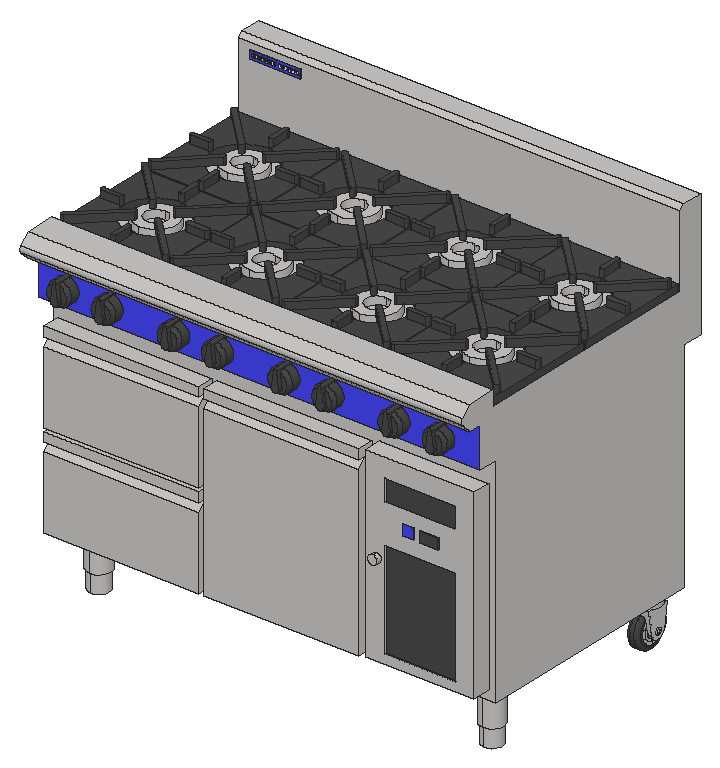
Revit family "QF_MOFFAT_BLUESEAL_CE_G518D-RB", category Specialty Equipment, Revit 2012
Parameters
  Weight in Pounds = 435  # constant formula
  Watts = 250 W
  Volts = 230 V
  URL Cutsheet = "www.moffat.com"
  URL = "www.moffat.com"
  Type Mark [instance] = ""
  Status [instance] = ""
  Specification by User [instance] = ""
  Specification by Manufacturer = ""
  Show Logo [instance] = yes
  Show Clearance [instance] = yes
  Show Casters [instance] = yes
  Serial Number = ""
  Seismic Rating = ""
  SMACNA No = ""
  Revision Code [instance] = ""
  Refrigerant Type = "R134a"
  Phase = 1
  Omniclass Number and Title = ""
  Number of Poles = 1
  NAFEM Spec ID Number = ""
  Model = "G518D-RB"
  Min Ckt Ampacity = 0 A
  Mechanical Remarks [instance] = ""
  Mechanical Connection Type [instance] = ""
  Max Overcurrent Protection = 0 A
  Masterspec = ""
  Manufacturer = "MOFFAT BLUESEAL"
  Legs [instance] = not(Show Casters)  # no
  Item Number [instance] = ""
  Installed By [instance] = ""
  Identify Quantity as Lot [instance] = yes
  HP = ""
  Gas Size = 3/4"
  Gas RI Height [instance] = 0.0 mm
  Gas KW [instance] = 56
  Gas Input [instance] = 192500.0 Btu/h
  Gas Connection Height = 0.0 mm
  Furnished By [instance] = ""
  Foodservice Equipment Identifier [instance] = yes
  FL Amps = 1.8 A
  Elec Conn RI Height = 0.0 mm
  Elec Conn Connection Height = 0.0 mm
  Description = "1200MM GAS COOK TOP ON REFRIGERATED BASE"
  Cycle = 50 Hz
  Conn Plug = ""
  Conn Conduit = yes
  CSI MasterFormat = ""
  CSI Master Format = ""
  Body Height [instance] = 915.0 mm
  Base Height [instance] = 150.0 mm
  Apparent Power = if(Phase = 3, Volts * FL Amps * 1.73, Volts * FL Amps)  # 414 VA
Reference planes
  plane 1 "BACK": y = 0
  plane 2: z = 0
  plane 3 "LEFT": x = 0
  plane 4 "RIGHT": x = 1200
  plane 5 "FRONT": y = -812
  plane 6 "TOP": z = 970
  plane 7 "Center Y": x = 600
  plane 8 "Center X": y = -406
  plane 9 "Base Height": z = 150
  plane 10: x = 1134
  plane 11: x = 65
  plane 12: z = 915
  plane 13: x = 1181
  plane 14: x = 973
  plane 15: y = -625
  plane 16: y = -100
  plane 17: z = 1085
Forms (mm)
  Extrusion 1, solid, material "QF_Finishes_Stainless Steel"
    sketch origin (0, 0, 0) x (0, 1, 0) y (0, 0, 1)
      loop
        line (0, 740) -> (0, 1085) -> (-57.5, 1085) -> (-70, 1072.5) -> (-70, 875) -> (-705, 875) -> (-705, 915) -> (-783.97, 915) -> (-808.485, 890.485)
        arc (-808.485, 890.485) -> (-811.999, 882) -> (-808.485, 873.515) r 12
        line (-808.485, 873.515) -> (-784.97, 850) -> (-749, 850) -> (-749, 740) -> (-697, 740) -> (-697, 150) -> (-57, 150) -> (-57, 740) -> (0, 740)
    from 0 to 1200
  Extrusion 2, solid, material "QF_Finishes_Stainless Steel"
    sketch origin (705, 3, 100) x (1, 0, 0) y (0, 1, 0)
      loop
        circle (365, -35) r 13.5
    from 555 to 640
  Revolve 3, solid, material "QF_Finishes_Black"
    sketch origin (89.687, 0, 759.972) x (0, 1, 0) y (0, 0, -1)
      loop
        line (-789, -69.5) -> (-766, -69.5) -> (-766, -42) -> (-756, -42) -> (-756, -37) -> (-800, -37) -> (-800, -63.651) -> (-789, -69.5)
      axis (-800, -37) -> (-756, -37)
    angle from 0 to 360
  Extrusion 4, solid, material "QF_Finishes_Black"
    sketch origin (227.956, 0, 760.13) x (-1, 0, 0) y (0, 0, -1)
      loop
        line (127.537, -26.064) -> (132.958, -68.983)
        arc (132.958, -68.983) -> (137.956, -73.87) -> (142.955, -68.983) r 5
        line (142.955, -68.983) -> (148.444, -24.898)
        arc (148.444, -24.898) -> (137.372, -14.399) -> (127.537, -26.064) r 10.487
    from 759 to 808
  Revolve 5, solid, material "QF_Finishes_Stainless Steel"
    sketch origin (65, -735, 0) x (0, 1, 0) y (0, 0, 1)
      loop
        line (78.25, 150) -> (78.25, 50) -> (82.5, 50) -> (82.5, 0) -> (110, 0) -> (110, 150) -> (78.25, 150)
      axis (110, 150) -> (110, 0)
    angle from 0 to 360
  Revolve 6, solid, material "QF_Finishes_Stainless Steel"
    sketch origin (1134, -735, 0) x (0, 1, 0) y (0, 0, -1)
      loop
        line (78.25, -150) -> (110, -150) -> (110, 0) -> (82.5, 0) -> (82.5, -50) -> (78.25, -50) -> (78.25, -150)
      axis (110, -150) -> (110, 0)
    angle from 0 to 360
  Extrusion 7, solid, material "QF_Finishes_Stainless Steel"
    sketch origin (0, 0, 0) x (0, 1, 0) y (0, 0, 1)
      loop
        line (-754, 678) -> (-754, 653) -> (-709.18, 653) -> (-709.18, 678) -> (-754, 678)
      loop
        line (-754, 421) -> (-754, 396) -> (-709.18, 396) -> (-709.18, 421) -> (-754, 421)
    from 19 to 439
  Extrusion 8, solid, material "QF_Finishes_Stainless Steel"
    sketch origin (0, -697, 222.5) x (0, 0, -1) y (1, 0, 0)
      loop
        line (-455.5, 1181) -> (-455.5, 887) -> (48.5, 887) -> (48.5, 1181) -> (-455.5, 1181)
      loop
        line (23.5, 1131) -> (-241.5, 1131) -> (-241.5, 937) -> (23.5, 937) -> (23.5, 1131)
      loop
        line (-405.5, 1131) -> (-405.5, 937) -> (-345.5, 937) -> (-345.5, 1131) -> (-405.5, 1131)
    from 0 to 48
  Extrusion 9, solid, material "QF_Finishes_Blue"
    sketch origin (0, -745, 222.5) x (0, 0, -1) y (1, 0, 0)
      loop
        line (-311.04, 987.426) -> (-281.04, 987.426) -> (-281.04, 1017.426) -> (-311.04, 1017.426) -> (-311.04, 987.426)
    from 0 to 1
  Extrusion 10, solid, material "QF_Finishes_Stainless Steel"
    sketch origin (0, -745, 222.5) x (0, 0, -1) y (1, 0, 0)
      loop
        circle (-202.271, 914.856) r 12.395
    from 0 to 12.7
  Extrusion 11, solid, material "QF_Finishes_Vents"
    sketch origin (0, -697, 222.5) x (0, 0, 1) y (1, 0, 0)
      loop
        line (345.5, 937) -> (405.5, 937) -> (405.5, 1131) -> (345.5, 1131) -> (345.5, 937)
      loop
        line (241.5, 937) -> (241.5, 1131) -> (-23.5, 1131) -> (-23.5, 937) -> (241.5, 937)
    from 0 to -44.529
  Extrusion 12, solid, material "QF_Door-Drawer Clearances", visible <- "Show Clearance", detail levels coarse
    sketch origin (0, -747, 174) x (0, 0, 1) y (-1, 0, 0)
      loop
        line (0, -19) -> (0, -439) -> (247, -439) -> (247, -19) -> (0, -19)
      loop
        line (257, -19) -> (257, -439) -> (504, -439) -> (504, -19) -> (257, -19)
    from 0 to 304.8
  Extrusion 13, solid, material "QF_Finishes_Stainless Steel"
    sketch origin (0, 0, 0) x (0, 1, 0) y (0, 0, 1)
      loop
        line (-709.18, 174) -> (-709.18, 650.613) -> (-731.387, 650.613) -> (-754, 628) -> (-754, 174) -> (-709.18, 174)
    from 453 to 873
  Extrusion 14, solid, material "QF_Door-Drawer Clearances", visible <- "Show Clearance", detail levels coarse
    sketch origin (0, -754, 174) x (1, 0, 0) y (0, -1, 0)
      loop
        line (453, 0) -> (873, 0) -> (873, 420)
        arc (873, 420) -> (576.015, 296.985) -> (453, 0) r 420
    from 0 to -504
  Extrusion 15, solid, material "QF_Finishes_Stainless Steel"
    sketch origin (0, -57, 735) x (0, 0, 1) y (1, 0, 0)
      loop
        circle (-315, 920) r 6.35
    from 0 to 1.6
  Extrusion 16, solid, material "QF_Finishes_Stainless Steel"
    sketch origin (0, 0, 0) x (0, 1, 0) y (0, 0, 1)
      loop
        line (-754, 431) -> (-709.18, 431) -> (-709.18, 650.613) -> (-731.387, 650.613) -> (-754, 628) -> (-754, 431)
      loop
        line (-754, 174) -> (-709.18, 174) -> (-709.18, 393.613) -> (-731.387, 393.613) -> (-754, 371) -> (-754, 174)
    from 19 to 439
  Extrusion 17, solid, material "QF_Finishes_Stainless Steel"
    sketch origin (0, 0, 0) x (0, 1, 0) y (0, 0, 1)
      loop
        line (-709.18, 653) -> (-709.18, 678) -> (-754, 678) -> (-754, 653) -> (-709.18, 653)
    from 453 to 873
  Revolve 18, solid, material "QF_Finishes_Black"
    sketch origin (210, 0, 760) x (0, 1, 0) y (0, 0, -1)
      loop
        line (-789, -69.5) -> (-766, -69.5) -> (-766, -42) -> (-756, -42) -> (-756, -37) -> (-800, -37) -> (-800, -63.651) -> (-789, -69.5)
      axis (-800, -37) -> (-756, -37)
    angle from 0 to 360
  Extrusion 19, solid, material "QF_Finishes_Black"
    sketch origin (348.27, 0, 760.158) x (-1, 0, 0) y (0, 0, -1)
      loop
        line (127.537, -26.064) -> (132.958, -68.983)
        arc (132.958, -68.983) -> (137.956, -73.87) -> (142.955, -68.983) r 5
        line (142.955, -68.983) -> (148.444, -24.898)
        arc (148.444, -24.898) -> (137.372, -14.399) -> (127.537, -26.064) r 10.487
    from 759 to 808
  Revolve 20, solid, material "QF_Finishes_Black"
    sketch origin (390, 0, 760) x (0, 1, 0) y (0, 0, -1)
      loop
        line (-789, -69.5) -> (-766, -69.5) -> (-766, -42) -> (-756, -42) -> (-756, -37) -> (-800, -37) -> (-800, -63.651) -> (-789, -69.5)
      axis (-800, -37) -> (-756, -37)
    angle from 0 to 360
  Extrusion 21, solid, material "QF_Finishes_Black"
    sketch origin (528.27, 0, 760.158) x (-1, 0, 0) y (0, 0, -1)
      loop
        line (127.537, -26.064) -> (132.958, -68.983)
        arc (132.958, -68.983) -> (137.956, -73.87) -> (142.955, -68.983) r 5
        line (142.955, -68.983) -> (148.444, -24.898)
        arc (148.444, -24.898) -> (137.372, -14.399) -> (127.537, -26.064) r 10.487
    from 759 to 808
  Revolve 22, solid, material "QF_Finishes_Black"
    sketch origin (510.313, 0, 760.028) x (0, 1, 0) y (0, 0, -1)
      loop
        line (-789, -69.5) -> (-766, -69.5) -> (-766, -42) -> (-756, -42) -> (-756, -37) -> (-800, -37) -> (-800, -63.651) -> (-789, -69.5)
      axis (-800, -37) -> (-756, -37)
    angle from 0 to 360
  Extrusion 23, solid, material "QF_Finishes_Black"
    sketch origin (648.583, 0, 760.186) x (-1, 0, 0) y (0, 0, -1)
      loop
        line (127.537, -26.064) -> (132.958, -68.983)
        arc (132.958, -68.983) -> (137.956, -73.87) -> (142.955, -68.983) r 5
        line (142.955, -68.983) -> (148.444, -24.898)
        arc (148.444, -24.898) -> (137.372, -14.399) -> (127.537, -26.064) r 10.487
    from 759 to 808
  Revolve 24, solid, material "QF_Finishes_Black"
    sketch origin (690, 0, 760) x (0, 1, 0) y (0, 0, -1)
      loop
        line (-789, -69.5) -> (-766, -69.5) -> (-766, -42) -> (-756, -42) -> (-756, -37) -> (-800, -37) -> (-800, -63.651) -> (-789, -69.5)
      axis (-800, -37) -> (-756, -37)
    angle from 0 to 360
  Extrusion 25, solid, material "QF_Finishes_Black"
    sketch origin (828.27, 0, 760.158) x (-1, 0, 0) y (0, 0, -1)
      loop
        line (127.537, -26.064) -> (132.958, -68.983)
        arc (132.958, -68.983) -> (137.956, -73.87) -> (142.955, -68.983) r 5
        line (142.955, -68.983) -> (148.444, -24.898)
        arc (148.444, -24.898) -> (137.372, -14.399) -> (127.537, -26.064) r 10.487
    from 759 to 808
  Revolve 26, solid, material "QF_Finishes_Black"
    sketch origin (810.313, 0, 760.028) x (0, 1, 0) y (0, 0, -1)
      loop
        line (-789, -69.5) -> (-766, -69.5) -> (-766, -42) -> (-756, -42) -> (-756, -37) -> (-800, -37) -> (-800, -63.651) -> (-789, -69.5)
      axis (-800, -37) -> (-756, -37)
    angle from 0 to 360
  Extrusion 27, solid, material "QF_Finishes_Black"
    sketch origin (948.583, 0, 760.186) x (-1, 0, 0) y (0, 0, -1)
      loop
        line (127.537, -26.064) -> (132.958, -68.983)
        arc (132.958, -68.983) -> (137.956, -73.87) -> (142.955, -68.983) r 5
        line (142.955, -68.983) -> (148.444, -24.898)
        arc (148.444, -24.898) -> (137.372, -14.399) -> (127.537, -26.064) r 10.487
    from 759 to 808
  Revolve 28, solid, material "QF_Finishes_Black"
    sketch origin (990, 0, 760) x (0, 1, 0) y (0, 0, -1)
      loop
        line (-789, -69.5) -> (-766, -69.5) -> (-766, -42) -> (-756, -42) -> (-756, -37) -> (-800, -37) -> (-800, -63.651) -> (-789, -69.5)
      axis (-800, -37) -> (-756, -37)
    angle from 0 to 360
  Extrusion 29, solid, material "QF_Finishes_Black"
    sketch origin (1128.27, 0, 760.158) x (-1, 0, 0) y (0, 0, -1)
      loop
        line (127.537, -26.064) -> (132.958, -68.983)
        arc (132.958, -68.983) -> (137.956, -73.87) -> (142.955, -68.983) r 5
        line (142.955, -68.983) -> (148.444, -24.898)
        arc (148.444, -24.898) -> (137.372, -14.399) -> (127.537, -26.064) r 10.487
    from 759 to 808
  Revolve 30, solid, material "QF_Finishes_Black"
    sketch origin (1110.313, 0, 760.028) x (0, 1, 0) y (0, 0, -1)
      loop
        line (-789, -69.5) -> (-766, -69.5) -> (-766, -42) -> (-756, -42) -> (-756, -37) -> (-800, -37) -> (-800, -63.651) -> (-789, -69.5)
      axis (-800, -37) -> (-756, -37)
    angle from 0 to 360
  Extrusion 31, solid, material "QF_Finishes_Black"
    sketch origin (1248.583, 0, 760.186) x (-1, 0, 0) y (0, 0, -1)
      loop
        line (127.537, -26.064) -> (132.958, -68.983)
        arc (132.958, -68.983) -> (137.956, -73.87) -> (142.955, -68.983) r 5
        line (142.955, -68.983) -> (148.444, -24.898)
        arc (148.444, -24.898) -> (137.372, -14.399) -> (127.537, -26.064) r 10.487
    from 759 to 808
  Revolve 32, solid, material "QF_Finishes_Stainless Steel", visible <- "Legs"
    sketch origin (65.5, -166, 0) x (0, 1, 0) y (0, 0, 1)
      loop
        line (34.25, 150) -> (34.25, 50) -> (38.5, 50) -> (38.5, 0) -> (66, 0) -> (66, 150) -> (34.25, 150)
      axis (66, 150) -> (66, 0)
    angle from 0 to 360
  Revolve 33, solid, material "QF_Finishes_Stainless Steel", visible <- "Show Casters"
    sketch origin (16.276, -100.755, -12.8) x (1, 0, 0) y (0, 0, 1)
      loop
        line (14.841, 63.604) -> (83.584, 63.604) -> (83.584, 67.109) -> (82.314, 68.379) -> (80.79, 68.379) -> (80.79, 71.826) -> (68.644, 71.826) -> (68.644, 81.79) -> (65.088, 83.843) -> (63.738, 92.179) -> (65.881, 92.179) -> (65.881, 98.529) -> (65.088, 98.529) -> (65.088, 104.879)
        arc (65.088, 104.879) -> (62.298, 111.614) -> (55.563, 114.404) r 9.525
        line (55.563, 114.404) -> (42.863, 114.404)
        arc (42.863, 114.404) -> (36.127, 111.614) -> (33.338, 104.879) r 9.525
        line (33.338, 104.879) -> (33.338, 98.529) -> (32.544, 98.529) -> (32.544, 92.179) -> (34.687, 92.179) -> (33.352, 83.932) -> (29.782, 81.871) -> (29.782, 71.826) -> (17.635, 71.826) -> (17.635, 68.379) -> (16.111, 68.379) -> (14.841, 67.109) -> (14.841, 63.604)
      axis (14.841, 63.604) -> (83.584, 63.604)
    angle from 0 to 360
  Extrusion 34, solid, material "QF_Finishes_Stainless Steel", visible <- "Show Casters"
    sketch origin (72.001, 132.353, -8.783) x (0, 1, 0) y (0, 0, 1)
      loop
        line (-200.603, 118.783) -> (-264.103, 118.783) -> (-251.746, 53.895)
        arc (-251.746, 53.895) -> (-232.353, 38.783) -> (-212.959, 53.895) r 20
        line (-212.959, 53.895) -> (-200.603, 118.783)
    from -35.667 to 22.923
  Revolve 35, solid, material "QF_Finishes_Stainless Steel", visible <- "Show Casters"
    sketch origin (65.5, -204, 0) x (0, 1, 0) y (0, 0, 1)
      loop
        line (68.25, 150) -> (68.25, 110) -> (104, 110) -> (104, 150) -> (68.25, 150)
      axis (104, 150) -> (104, 110)
    angle from 0 to 360
  Revolve 36, solid, material "QF_Finishes_Stainless Steel", visible <- "Legs"
    sketch origin (65.5, -166, 0) x (0, 1, 0) y (0, 0, 1)
      loop
        line (34.25, 150) -> (34.25, 50) -> (38.5, 50) -> (38.5, 0) -> (66, 0) -> (66, 150) -> (34.25, 150)
      axis (66, 150) -> (66, 0)
    angle from 0 to 360
  Revolve 37, solid, material "QF_Finishes_Stainless Steel", visible <- "Legs"
    sketch origin (1134.5, -166, 0) x (0, 1, 0) y (0, 0, -1)
      loop
        line (34.25, -150) -> (66, -150) -> (66, 0) -> (38.5, 0) -> (38.5, -50) -> (34.25, -50) -> (34.25, -150)
      axis (66, -150) -> (66, 0)
    angle from 0 to 360
  Revolve 38, solid, material "QF_Finishes_Stainless Steel", visible <- "Show Casters"
    sketch origin (1183.724, -100.755, -12.8) x (-1, 0, 0) y (0, 0, -1)
      loop
        line (14.841, -63.604) -> (14.841, -67.109) -> (16.111, -68.379) -> (17.635, -68.379) -> (17.635, -71.826) -> (29.782, -71.826) -> (29.782, -81.871) -> (33.352, -83.932) -> (34.687, -92.179) -> (32.544, -92.179) -> (32.544, -98.529) -> (33.338, -98.529) -> (33.338, -104.879)
        arc (33.338, -104.879) -> (36.127, -111.614) -> (42.863, -114.404) r 9.525
        line (42.863, -114.404) -> (55.563, -114.404)
        arc (55.563, -114.404) -> (62.298, -111.614) -> (65.088, -104.879) r 9.525
        line (65.088, -104.879) -> (65.088, -98.529) -> (65.881, -98.529) -> (65.881, -92.179) -> (63.738, -92.179) -> (65.088, -83.843) -> (68.644, -81.79) -> (68.644, -71.826) -> (80.79, -71.826) -> (80.79, -68.379) -> (82.314, -68.379) -> (83.584, -67.109) -> (83.584, -63.604) -> (14.841, -63.604)
      axis (14.841, -63.604) -> (83.584, -63.604)
    angle from 0 to 360
  Extrusion 39, solid, material "QF_Finishes_Stainless Steel", visible <- "Show Casters"
    sketch origin (1127.999, 132.353, -8.783) x (0, 1, 0) y (0, 0, -1)
      loop
        line (-200.603, -118.783) -> (-212.959, -53.895)
        arc (-212.959, -53.895) -> (-232.353, -38.783) -> (-251.746, -53.895) r 20
        line (-251.746, -53.895) -> (-264.103, -118.783) -> (-200.603, -118.783)
    from -35.667 to 22.923
  Revolve 40, solid, material "QF_Finishes_Stainless Steel", visible <- "Show Casters"
    sketch origin (1134.5, -204, 0) x (0, 1, 0) y (0, 0, -1)
      loop
        line (68.25, -150) -> (104, -150) -> (104, -110) -> (68.25, -110) -> (68.25, -150)
      axis (104, -150) -> (104, -110)
    angle from 0 to 360
  Revolve 41, solid, material "QF_Finishes_Stainless Steel", visible <- "Legs"
    sketch origin (1134.5, -166, 0) x (0, 1, 0) y (0, 0, -1)
      loop
        line (34.25, -150) -> (66, -150) -> (66, 0) -> (38.5, 0) -> (38.5, -50) -> (34.25, -50) -> (34.25, -150)
      axis (66, -150) -> (66, 0)
    angle from 0 to 360
  Extrusion 42, solid, material "QF_Finishes_Black"
    sketch origin (0, -745, 222.5) x (0, 0, -1) y (1, 0, 0)
      loop
        line (-311.04, 1035.003) -> (-281.04, 1035.003) -> (-281.04, 1083.315) -> (-311.04, 1083.315) -> (-311.04, 1035.003)
    from 0 to 1
Lines and regions (mm)
  Split face 1
    outline origin (0, -22, 1085) x (0, 1, 0) y (-1, 0, 0)
      loop
        arc (-23.385, -1164.794) -> (-18.385, -1173.455) -> (-8.385, -1173.455) r 10
        line (-8.385, -1173.455) -> (-1.385, -1169.413)
        arc (-1.385, -1169.413) -> (2.275, -1165.753) -> (3.615, -1160.753) r 10
        line (3.615, -1160.753) -> (3.615, -932.794)
        arc (3.615, -932.794) -> (-1.385, -924.134) -> (-11.385, -924.134) r 10
        line (-11.385, -924.134) -> (-18.385, -928.176)
        arc (-18.385, -928.176) -> (-22.045, -931.836) -> (-23.385, -936.836) r 10
        line (-23.385, -936.836) -> (-23.385, -1164.794)
  Split face 2
    outline origin (0, -22, 1085) x (0, 1, 0) y (-1, 0, 0)
      loop
        arc (-23.385, -864.794) -> (-18.385, -873.455) -> (-8.385, -873.455) r 10
        line (-8.385, -873.455) -> (-1.385, -869.413)
        arc (-1.385, -869.413) -> (2.275, -865.753) -> (3.615, -860.753) r 10
        line (3.615, -860.753) -> (3.615, -632.794)
        arc (3.615, -632.794) -> (-1.385, -624.134) -> (-11.385, -624.134) r 10
        line (-11.385, -624.134) -> (-18.385, -628.176)
        arc (-18.385, -628.176) -> (-22.045, -631.836) -> (-23.385, -636.836) r 10
        line (-23.385, -636.836) -> (-23.385, -864.794)
  Split face 3
    outline origin (0, -22, 1085) x (0, 1, 0) y (-1, 0, 0)
      loop
        arc (-23.385, -564.794) -> (-18.385, -573.455) -> (-8.385, -573.455) r 10
        line (-8.385, -573.455) -> (-1.385, -569.413)
        arc (-1.385, -569.413) -> (2.275, -565.753) -> (3.615, -560.753) r 10
        line (3.615, -560.753) -> (3.615, -332.794)
        arc (3.615, -332.794) -> (-1.385, -324.134) -> (-11.385, -324.134) r 10
        line (-11.385, -324.134) -> (-18.385, -328.176)
        arc (-18.385, -328.176) -> (-22.045, -331.836) -> (-23.385, -336.836) r 10
        line (-23.385, -336.836) -> (-23.385, -564.794)
  Split face 4
    outline origin (0, -22, 1085) x (0, 1, 0) y (-1, 0, 0)
      loop
        arc (-23.385, -264.794) -> (-18.385, -273.455) -> (-8.385, -273.455) r 10
        line (-8.385, -273.455) -> (-1.385, -269.413)
        arc (-1.385, -269.413) -> (2.275, -265.753) -> (3.615, -260.753) r 10
        line (3.615, -260.753) -> (3.615, -32.794)
        arc (3.615, -32.794) -> (-1.385, -24.134) -> (-11.385, -24.134) r 10
        line (-11.385, -24.134) -> (-18.385, -28.176)
        arc (-18.385, -28.176) -> (-22.045, -31.836) -> (-23.385, -36.836) r 10
        line (-23.385, -36.836) -> (-23.385, -264.794)
  symbolic lines, style "QF_Door-Drawer Clearances"
    curve 1: line (19, -812, 150) -> (19, -1058.8, 150)
    curve 2: line (19, -1058.8, 150) -> (439, -1058.8, 150)
    curve 3: line (439, -1058.8, 150) -> (439, -812, 150)
    curve 4: arc (512.99, -970.316, 150) -> (477.409, -895.095, 150) -> (457.356, -814.336, 150) r 420
    curve 5: line (776.472, -812, 150) -> (512.99, -970.316, 150)
  symbolic lines, style "SpecialityEquipmentHiddenLines", visible <- "Show Casters"
    curve 6: line (78.456, -46.735, 0) -> (105.952, -62.61, 0)
    curve 7: line (27.656, -134.723, 0) -> (78.456, -46.735, 0)
    curve 8: line (55.152, -150.598, 0) -> (27.656, -134.723, 0)
    curve 9: line (105.952, -62.61, 0) -> (55.152, -150.598, 0)
    curve 10: line (1125.152, -150.598, 0) -> (1097.656, -134.723, 0)
    curve 11: line (1175.952, -62.61, 0) -> (1125.152, -150.598, 0)
    curve 52: line (1148.456, -46.735, 0) -> (1097.656, -134.723, 0)
    curve 53: line (1175.952, -62.61, 0) -> (1148.456, -46.735, 0)
  symbolic lines
    curve 12: line (32.794, -18.385, 0) -> (260.753, -18.385, 0)
    curve 13: arc (260.753, -18.385, 0) -> (265.753, -19.725, 0) -> (269.413, -23.385, 0) r 10
    curve 14: line (269.413, -23.385, 0) -> (273.455, -30.385, 0)
    curve 15: arc (273.455, -30.385, 0) -> (273.455, -40.385, 0) -> (264.794, -45.385, 0) r 10
    curve 16: line (264.794, -45.385, 0) -> (36.836, -45.385, 0)
    curve 17: arc (36.836, -45.385, 0) -> (31.836, -44.045, 0) -> (28.176, -40.385, 0) r 10
    curve 18: line (28.176, -40.385, 0) -> (24.134, -33.385, 0)
    curve 19: arc (24.134, -33.385, 0) -> (24.134, -23.385, 0) -> (32.794, -18.385, 0) r 10
    curve 20: line (560.753, -18.385, 0) -> (332.794, -18.385, 0)
    curve 21: arc (332.794, -18.385, 0) -> (324.134, -23.385, 0) -> (324.134, -33.385, 0) r 10
    curve 22: line (324.134, -33.385, 0) -> (328.176, -40.385, 0)
    curve 23: arc (328.176, -40.385, 0) -> (331.836, -44.045, 0) -> (336.836, -45.385, 0) r 10
    curve 24: line (336.836, -45.385, 0) -> (564.794, -45.385, 0)
    curve 25: arc (564.794, -45.385, 0) -> (573.455, -40.385, 0) -> (573.455, -30.385, 0) r 10
    curve 26: line (573.455, -30.385, 0) -> (569.413, -23.385, 0)
    curve 27: arc (569.413, -23.385, 0) -> (565.753, -19.725, 0) -> (560.753, -18.385, 0) r 10
    curve 28: line (632.794, -18.385, 0) -> (860.753, -18.385, 0)
    curve 29: arc (860.753, -18.385, 0) -> (865.753, -19.725, 0) -> (869.413, -23.385, 0) r 10
    curve 30: line (869.413, -23.385, 0) -> (873.455, -30.385, 0)
    curve 31: arc (873.455, -30.385, 0) -> (873.455, -40.385, 0) -> (864.794, -45.385, 0) r 10
    curve 32: line (864.794, -45.385, 0) -> (636.836, -45.385, 0)
    curve 33: arc (636.836, -45.385, 0) -> (631.836, -44.045, 0) -> (628.176, -40.385, 0) r 10
    curve 34: line (628.176, -40.385, 0) -> (624.134, -33.385, 0)
    curve 35: arc (624.134, -33.385, 0) -> (624.134, -23.385, 0) -> (632.794, -18.385, 0) r 10
    curve 36: line (1160.753, -18.385, 0) -> (932.794, -18.385, 0)
    curve 37: arc (932.794, -18.385, 0) -> (924.134, -23.385, 0) -> (924.134, -33.385, 0) r 10
    curve 38: line (924.134, -33.385, 0) -> (928.176, -40.385, 0)
    curve 39: arc (928.176, -40.385, 0) -> (931.836, -44.045, 0) -> (936.836, -45.385, 0) r 10
    curve 40: line (936.836, -45.385, 0) -> (1164.794, -45.385, 0)
    curve 41: arc (1164.794, -45.385, 0) -> (1173.455, -40.385, 0) -> (1173.455, -30.385, 0) r 10
    curve 42: line (1173.455, -30.385, 0) -> (1169.413, -23.385, 0)
    curve 43: arc (1169.413, -23.385, 0) -> (1165.753, -19.725, 0) -> (1160.753, -18.385, 0) r 10
    curve 44: line (1200, 0, 0) -> (0, 0, 0)
    curve 45: line (1200, -57, 0) -> (0, -57, 0)
    curve 46: line (0, -70, 0) -> (1200, -70, 0)
    curve 47: line (-1, -705, 0) -> (1199, -705, 0)
    curve 48: line (0, -783.97, 0) -> (1200, -783.97, 0)
    curve 49: line (0, -811.999, 0) -> (1200, -811.999, 0)
    curve 50: line (1200, -811.999, 0) -> (1200, 0, 0)
    curve 51: line (0, 0, 0) -> (0, -811.999, 0)
Dimensions and locks
  equal spacing: plane 3 "LEFT", plane 7 "Center Y", plane 4 "RIGHT"
  plane 3 "LEFT" to plane 4 "RIGHT" = 1200.0 mm
  equal spacing: plane 5 "FRONT", plane 8 "Center X", plane 1 "BACK"
  plane 5 "FRONT" to plane 1 "BACK" = 812.0 mm
  "Base Height": plane 9 "Base Height" to level
  plane 6 "TOP" to level = 970.0 mm
  plane 10 to plane 11 = 1069.0 mm
  level to Extrusion 2 = 655.0 mm
  Extrusion 1 to Extrusion 7 = 19.0 mm
  Extrusion 8 sketch curve to Extrusion 8 sketch curve = 294.0 mm
  plane 15 to plane 16 = 525.0 mm
  plane 17 to plane 2 = 1085.0 mm
  Extrusion 15 sketch curve to plane 4 "RIGHT" = 280.0 mm
  Extrusion 15 sketch curve to plane 2 = 420.0 mm
  Revolve 33 sketch curve to Revolve 33 sketch curve = 50.8 mm
  Revolve 38 sketch curve to Revolve 38 sketch curve = 50.8 mm
  aligned and locked: level to plane 2
Automatic sketch dimensions
  curve 45 to plane 3 "LEFT" = 0.0 mm
  curve 48 to plane 4 "RIGHT" = 0.0 mm
  plane 1 "BACK" to curve 44 = 0.0 mm
  curve 47 to plane 3 "LEFT" = 1.0 mm
  plane 3 "LEFT" to curve 18 = 24.134 mm
  plane 3 "LEFT" to curve 8 = 27.656 mm
  curve 19 to curve 17 = 4.041 mm
  curve 18 to curve 19 = 8.66 mm
  curve 17 to curve 17 = 8.66 mm
  curve 8 to plane 11 = 9.848 mm
  plane 11 to curve 7 = 13.456 mm
  plane 1 "BACK" to curve 12 = 18.385 mm
  curve 6 to curve 12 = 154.801 mm
  curve 13 to curve 15 = 4.041 mm  (x2)
  curve 13 to curve 13 = 8.66 mm
  curve 14 to curve 21 = 50.679 mm
  curve 22 to curve 23 = 4.041 mm
  curve 21 to curve 21 = 8.66 mm
  curve 23 to curve 23 = 8.66 mm
  plane 1 "BACK" to curve 27 = 18.385 mm
  curve 27 to plane 7 "Center Y" = 39.247 mm
  curve 27 to curve 24 = 4.041 mm
  plane 1 "BACK" to curve 26 = 23.385 mm
  curve 27 to curve 26 = 8.66 mm
  curve 26 to curve 25 = 4.041 mm
  plane 7 "Center Y" to curve 35 = 24.134 mm
  curve 35 to curve 34 = 4.041 mm
  curve 34 to curve 28 = 8.66 mm
  curve 33 to curve 32 = 8.66 mm
  plane 1 "BACK" to curve 29 = 18.385 mm
  curve 29 to plane 14 = 112.247 mm
  curve 29 to curve 31 = 4.041 mm
  curve 29 to curve 29 = 8.66 mm
  plane 1 "BACK" to curve 30 = 30.385 mm
  curve 29 to curve 30 = 4.041 mm
  curve 38 to plane 14 = 48.866 mm
  curve 37 to curve 38 = 4.041 mm
  curve 37 to curve 37 = 8.66 mm
  curve 37 to curve 39 = 4.041 mm
  curve 52 to plane 10 = 36.344 mm
  curve 10 to plane 10 = 8.848 mm
  plane 10 to curve 53 = 14.456 mm
  curve 52 to curve 43 = 12.297 mm
  curve 43 to curve 41 = 4.041 mm
  curve 36 to curve 42 = 8.66 mm
  curve 43 to curve 42 = 4.041 mm
  plane 4 "RIGHT" to curve 47 = 1.0 mm
  curve 34 to curve 28 = 15.0 mm
  curve 18 to curve 12 = 15.0 mm
  curve 21 to curve 20 = 15.0 mm
  plane 1 "BACK" to curve 38 = 33.385 mm
  curve 31 to curve 31 = 5.0 mm
  curve 25 to curve 27 = 7.0 mm
  curve 15 to curve 12 = 17.0 mm
  curve 17 to curve 19 = 7.0 mm
  curve 33 to curve 35 = 7.0 mm
  curve 23 to curve 21 = 7.0 mm
  plane 1 "BACK" to curve 41 = 35.385 mm
  curve 39 to curve 37 = 2.0 mm
  curve 39 to curve 37 = 7.0 mm  (x2)
  curve 18 to curve 19 = 7.0 mm
  curve 22 to curve 22 = 7.0 mm
  curve 53 to curve 41 = 1.35 mm
  curve 6 to curve 17 = 1.35 mm
  curve 45 to curve 40 = 11.615 mm
  curve 53 to curve 41 = 17.225 mm
  curve 6 to curve 6 = 15.875 mm
  curve 46 to curve 45 = 13.0 mm
  curve 47 to plane 15 = 80.0 mm
  curve 48 to plane 5 "FRONT" = 28.03 mm
  curve 51 to plane 5 "FRONT" = 0.001 mm
  curve 31 to curve 29 = 7.0 mm
  curve 15 to curve 13 = 7.0 mm
  curve 41 to curve 43 = 7.0 mm
  Extrusion 1 sketch curve to plane 12 = 0.0 mm
  Extrusion 1 sketch curve to plane 9 "Base Height" = 0.0 mm
  Extrusion 1 sketch curve to plane 17 = 0.0 mm
  Extrusion 1 sketch curve to plane 1 "BACK" = 0.0 mm
  plane 16 to Extrusion 1 sketch curve = 43.0 mm
  plane 16 to Extrusion 1 sketch curve = 42.5 mm
  Extrusion 1 sketch curve to Extrusion 1 sketch curve = 12.5 mm
  Extrusion 1 sketch curve to plane 15 = 72.0 mm
  Extrusion 1 sketch curve to plane 15 = 80.0 mm
  Extrusion 1 sketch curve to Extrusion 1 sketch curve = 52.0 mm
  Extrusion 1 sketch curve to plane 5 "FRONT" = 28.03 mm
  Extrusion 1 sketch curve to plane 5 "FRONT" = 27.03 mm
  Extrusion 1 sketch curve to plane 5 "FRONT" = 12.001 mm
  Extrusion 1 sketch curve to plane 5 "FRONT" = 3.515 mm  (x2)
  Extrusion 1 sketch curve to plane 12 = 175.0 mm  (x2)
  Extrusion 1 sketch curve to plane 12 = 65.0 mm
  Extrusion 1 sketch curve to Extrusion 1 sketch curve = 23.515 mm
  Extrusion 1 sketch curve to Extrusion 1 sketch curve = 40.0 mm
  Extrusion 1 sketch curve to Extrusion 1 sketch curve = 8.485 mm
  Extrusion 1 sketch curve to plane 17 = 12.5 mm
  plane 1 "BACK" to Extrusion 2 sketch curve = 32.0 mm
  Extrusion 2 sketch curve to plane 10 = 64.0 mm
  Revolve 3 sketch curve to plane 5 "FRONT" = 12.0 mm
  Revolve 3 sketch curve to Revolve 3 sketch curve = 0.0 mm  (x2)
  Revolve 3 sketch curve to Revolve 3 sketch curve = 11.0 mm
  Revolve 3 sketch curve to Revolve 3 sketch curve = 12.7 mm
  Revolve 3 sketch curve to Revolve 3 sketch curve = 23.0 mm
  Revolve 3 sketch curve to Revolve 3 sketch curve = 10.0 mm
  Revolve 3 sketch curve to plane 12 = 85.528 mm
  Revolve 3 sketch curve to Revolve 3 sketch curve = 5.849 mm
  Revolve 3 sketch curve to Revolve 3 sketch curve = 27.5 mm
  Revolve 3 sketch curve to Revolve 3 sketch curve = 5.0 mm
  plane 11 to Extrusion 4 sketch curve = 35.419 mm
  plane 11 to Extrusion 4 sketch curve = 29.999 mm
  Extrusion 4 sketch curve to Extrusion 4 sketch curve = 10.419 mm
  Extrusion 4 sketch curve to Extrusion 4 sketch curve = 4.999 mm  (x2)
  Extrusion 4 sketch curve to Extrusion 4 sketch curve = 10.487 mm
  Extrusion 4 sketch curve to plane 12 = 85.887 mm
  Extrusion 4 sketch curve to Extrusion 4 sketch curve = 0.113 mm
  Extrusion 4 sketch curve to Extrusion 4 sketch curve = 42.919 mm
  Extrusion 4 sketch curve to Extrusion 4 sketch curve = 1.167 mm
  Revolve 5 sketch curve to plane 9 "Base Height" = 0.0 mm
  Revolve 5 sketch curve to level = 0.0 mm
  Revolve 5 sketch curve to plane 15 = 0.0 mm  (x2)
  Revolve 5 sketch curve to plane 15 = 27.5 mm
  Revolve 5 sketch curve to Revolve 5 sketch curve = 31.75 mm
  Revolve 5 sketch curve to Revolve 5 sketch curve = 55.0 mm
  level to Revolve 5 sketch curve = 50.0 mm
  Revolve 5 sketch curve to Revolve 5 sketch curve = 0.0 mm
  Revolve 6 sketch curve to plane 9 "Base Height" = 0.0 mm
  Revolve 6 sketch curve to level = 0.0 mm
  Revolve 6 sketch curve to plane 15 = 0.0 mm  (x2)
  Revolve 6 sketch curve to plane 15 = 27.5 mm
  Revolve 6 sketch curve to plane 15 = 31.75 mm
  level to Revolve 6 sketch curve = 50.0 mm
  Revolve 6 sketch curve to Revolve 6 sketch curve = 0.0 mm
  Revolve 6 sketch curve to Revolve 6 sketch curve = 55.0 mm
  Extrusion 7 sketch curve to plane 5 "FRONT" = 58.0 mm  (x2)
  Extrusion 7 sketch curve to Extrusion 7 sketch curve = 44.82 mm  (x2)
  plane 9 "Base Height" to Extrusion 7 sketch curve = 246.0 mm
  Extrusion 7 sketch curve to Extrusion 7 sketch curve = 25.0 mm  (x2)
  Extrusion 7 sketch curve to Extrusion 7 sketch curve = 232.0 mm
  Extrusion 8 sketch curve to Extrusion 1 = 62.0 mm
  Extrusion 8 sketch curve to Extrusion 8 sketch curve = 50.0 mm  (x3)
  Extrusion 8 sketch curve to Extrusion 8 sketch curve = 60.0 mm
  Extrusion 8 sketch curve to Extrusion 8 sketch curve = 104.0 mm
  Extrusion 1 to Extrusion 8 sketch curve = 49.0 mm
  Extrusion 1 to Extrusion 8 sketch curve = 24.0 mm
  Extrusion 1 to Extrusion 8 sketch curve = 313.0 mm
  Extrusion 8 sketch curve to Extrusion 8 sketch curve = 0.0 mm
  Extrusion 1 to Extrusion 8 sketch curve = 69.0 mm
  Extrusion 9 sketch curve to Extrusion 8 = 34.46 mm
  Extrusion 9 sketch curve to Extrusion 9 sketch curve = 30.0 mm  (x2)
  Extrusion 8 to Extrusion 9 sketch curve = 50.426 mm
  Extrusion 8 to Extrusion 10 sketch curve = 39.229 mm
  Extrusion 10 sketch curve to Extrusion 8 = 22.144 mm
  Extrusion 11 sketch curve to Extrusion 8 = 0.0 mm  (x6)
  Extrusion 8 to Extrusion 11 sketch curve = 0.0 mm  (x2)
  plane 9 "Base Height" to Extrusion 12 sketch curve = 24.0 mm
  Extrusion 12 sketch curve to Extrusion 12 sketch curve = 247.0 mm
  Extrusion 12 sketch curve to Extrusion 12 sketch curve = 10.0 mm
  plane 3 "LEFT" to Extrusion 12 sketch curve = 19.0 mm  (x2)
  Extrusion 12 sketch curve to plane 12 = 237.0 mm
  Extrusion 12 sketch curve to plane 7 "Center Y" = 161.0 mm
  Extrusion 12 sketch curve to Extrusion 12 sketch curve = 0.0 mm
  Extrusion 13 sketch curve to plane 5 "FRONT" = 58.0 mm
  Extrusion 13 sketch curve to Extrusion 13 sketch curve = 22.613 mm  (x2)
  Extrusion 13 sketch curve to Extrusion 13 sketch curve = 22.207 mm
  plane 9 "Base Height" to Extrusion 13 sketch curve = 24.0 mm
  Extrusion 13 sketch curve to plane 12 = 287.0 mm
  Extrusion 14 sketch curve to Extrusion 13 = 0.0 mm  (x3)
  plane 5 "FRONT" to curve 5 = 0.0 mm
  plane 5 "FRONT" to curve 3 = 0.0 mm
  plane 5 "FRONT" to curve 1 = 0.0 mm
  curve 4 to plane 14 = 100.0 mm
  curve 4 to curve 5 = 96.528 mm
  curve 4 to plane 7 "Center Y" = 87.01 mm
  plane 5 "FRONT" to curve 4 = 2.336 mm
  curve 4 to plane 7 "Center Y" = 142.644 mm
  curve 4 to curve 3 = 18.356 mm
  plane 3 "LEFT" to curve 1 = 19.0 mm
  curve 4 to plane 5 "FRONT" = 58.0 mm
  curve 1 to curve 2 = 246.8 mm
  Extrusion 16 sketch curve to plane 5 "FRONT" = 58.0 mm  (x2)
  Extrusion 16 sketch curve to Extrusion 16 sketch curve = 22.613 mm  (x4)
  Extrusion 16 sketch curve to Extrusion 16 sketch curve = 22.207 mm
  Extrusion 16 sketch curve to Extrusion 16 sketch curve = 44.82 mm
  plane 9 "Base Height" to Extrusion 16 sketch curve = 24.0 mm
  Extrusion 16 sketch curve to Extrusion 16 sketch curve = 197.0 mm  (x2)
  Extrusion 16 sketch curve to Extrusion 16 sketch curve = 37.387 mm
  Extrusion 17 sketch curve to plane 5 "FRONT" = 58.0 mm
  Extrusion 17 sketch curve to Extrusion 17 sketch curve = 44.82 mm
  Extrusion 17 sketch curve to plane 12 = 262.0 mm
  Extrusion 17 sketch curve to Extrusion 17 sketch curve = 25.0 mm
  Revolve 18 sketch curve to plane 5 "FRONT" = 12.0 mm
  Revolve 18 sketch curve to Revolve 18 sketch curve = 0.0 mm  (x2)
  Revolve 18 sketch curve to Revolve 18 sketch curve = 11.0 mm
  Revolve 18 sketch curve to Revolve 18 sketch curve = 12.7 mm
  Revolve 18 sketch curve to Revolve 18 sketch curve = 23.0 mm
  Revolve 18 sketch curve to Revolve 18 sketch curve = 10.0 mm
  Revolve 18 sketch curve to plane 12 = 85.5 mm
  Revolve 18 sketch curve to Revolve 18 sketch curve = 5.849 mm
  Revolve 18 sketch curve to Revolve 18 sketch curve = 27.5 mm
  Revolve 18 sketch curve to Revolve 18 sketch curve = 5.0 mm
  plane 11 to Extrusion 19 sketch curve = 155.733 mm
  Extrusion 19 sketch curve to Extrusion 19 sketch curve = 5.421 mm
  Extrusion 19 sketch curve to Extrusion 19 sketch curve = 10.419 mm
  Extrusion 19 sketch curve to Extrusion 19 sketch curve = 4.999 mm  (x2)
  Extrusion 19 sketch curve to plane 12 = 85.859 mm
  Extrusion 19 sketch curve to Extrusion 19 sketch curve = 10.487 mm
  Extrusion 19 sketch curve to Extrusion 19 sketch curve = 0.113 mm
  Extrusion 19 sketch curve to Extrusion 19 sketch curve = 42.919 mm
  Extrusion 19 sketch curve to Extrusion 19 sketch curve = 1.167 mm
  Revolve 20 sketch curve to plane 5 "FRONT" = 12.0 mm
  Revolve 20 sketch curve to Revolve 20 sketch curve = 0.0 mm  (x2)
  Revolve 20 sketch curve to Revolve 20 sketch curve = 11.0 mm
  Revolve 20 sketch curve to Revolve 20 sketch curve = 12.7 mm
  Revolve 20 sketch curve to Revolve 20 sketch curve = 23.0 mm
  Revolve 20 sketch curve to Revolve 20 sketch curve = 10.0 mm
  Revolve 20 sketch curve to plane 12 = 85.5 mm
  Revolve 20 sketch curve to Revolve 20 sketch curve = 5.849 mm
  Revolve 20 sketch curve to Revolve 20 sketch curve = 27.5 mm
  Revolve 20 sketch curve to Revolve 20 sketch curve = 5.0 mm
  Extrusion 21 sketch curve to plane 7 "Center Y" = 199.267 mm
  Extrusion 21 sketch curve to Extrusion 21 sketch curve = 5.421 mm
  Extrusion 21 sketch curve to Extrusion 21 sketch curve = 10.419 mm
  Extrusion 21 sketch curve to Extrusion 21 sketch curve = 4.999 mm  (x2)
  Extrusion 21 sketch curve to plane 12 = 85.859 mm
  Extrusion 21 sketch curve to Extrusion 21 sketch curve = 10.487 mm
  Extrusion 21 sketch curve to Extrusion 21 sketch curve = 0.113 mm
  Extrusion 21 sketch curve to Extrusion 21 sketch curve = 42.919 mm
  Extrusion 21 sketch curve to Extrusion 21 sketch curve = 1.167 mm
  Revolve 22 sketch curve to plane 5 "FRONT" = 12.0 mm
  Revolve 22 sketch curve to Revolve 22 sketch curve = 0.0 mm  (x2)
  Revolve 22 sketch curve to Revolve 22 sketch curve = 11.0 mm
  Revolve 22 sketch curve to Revolve 22 sketch curve = 12.7 mm
  Revolve 22 sketch curve to Revolve 22 sketch curve = 23.0 mm
  Revolve 22 sketch curve to Revolve 22 sketch curve = 10.0 mm
  Revolve 22 sketch curve to plane 12 = 85.472 mm
  Revolve 22 sketch curve to Revolve 22 sketch curve = 5.849 mm
  Revolve 22 sketch curve to Revolve 22 sketch curve = 27.5 mm
  Revolve 22 sketch curve to Revolve 22 sketch curve = 5.0 mm
  Extrusion 23 sketch curve to plane 7 "Center Y" = 78.954 mm
  Extrusion 23 sketch curve to Extrusion 23 sketch curve = 5.421 mm
  Extrusion 23 sketch curve to Extrusion 23 sketch curve = 10.419 mm
  Extrusion 23 sketch curve to Extrusion 23 sketch curve = 4.999 mm  (x2)
  Extrusion 23 sketch curve to plane 12 = 85.831 mm
  Extrusion 23 sketch curve to Extrusion 23 sketch curve = 10.487 mm
  Extrusion 23 sketch curve to Extrusion 23 sketch curve = 0.113 mm
  Extrusion 23 sketch curve to Extrusion 23 sketch curve = 42.919 mm
  Extrusion 23 sketch curve to Extrusion 23 sketch curve = 1.167 mm
  Revolve 24 sketch curve to plane 5 "FRONT" = 12.0 mm
  Revolve 24 sketch curve to Revolve 24 sketch curve = 0.0 mm  (x2)
  Revolve 24 sketch curve to Revolve 24 sketch curve = 11.0 mm
  Revolve 24 sketch curve to Revolve 24 sketch curve = 12.7 mm
  Revolve 24 sketch curve to Revolve 24 sketch curve = 23.0 mm
  Revolve 24 sketch curve to Revolve 24 sketch curve = 10.0 mm
  Revolve 24 sketch curve to plane 12 = 85.5 mm
  Revolve 24 sketch curve to Revolve 24 sketch curve = 5.849 mm
  Revolve 24 sketch curve to Revolve 24 sketch curve = 27.5 mm
  Revolve 24 sketch curve to Revolve 24 sketch curve = 5.0 mm
  plane 7 "Center Y" to Extrusion 25 sketch curve = 100.733 mm
  Extrusion 25 sketch curve to Extrusion 25 sketch curve = 5.421 mm
  Extrusion 25 sketch curve to Extrusion 25 sketch curve = 10.419 mm
  Extrusion 25 sketch curve to Extrusion 25 sketch curve = 4.999 mm  (x2)
  Extrusion 25 sketch curve to Extrusion 25 sketch curve = 10.487 mm
  Extrusion 25 sketch curve to plane 12 = 85.859 mm
  Extrusion 25 sketch curve to Extrusion 25 sketch curve = 0.113 mm
  Extrusion 25 sketch curve to Extrusion 25 sketch curve = 42.919 mm
  Extrusion 25 sketch curve to Extrusion 25 sketch curve = 1.167 mm
  Revolve 26 sketch curve to plane 5 "FRONT" = 12.0 mm
  Revolve 26 sketch curve to Revolve 26 sketch curve = 0.0 mm  (x2)
  Revolve 26 sketch curve to Revolve 26 sketch curve = 11.0 mm
  Revolve 26 sketch curve to Revolve 26 sketch curve = 12.7 mm
  Revolve 26 sketch curve to Revolve 26 sketch curve = 23.0 mm
  Revolve 26 sketch curve to Revolve 26 sketch curve = 10.0 mm
  Revolve 26 sketch curve to plane 12 = 85.472 mm
  Revolve 26 sketch curve to Revolve 26 sketch curve = 5.849 mm
  Revolve 26 sketch curve to Revolve 26 sketch curve = 27.5 mm
  Revolve 26 sketch curve to Revolve 26 sketch curve = 5.0 mm
  Extrusion 27 sketch curve to plane 14 = 151.954 mm
  Extrusion 27 sketch curve to Extrusion 27 sketch curve = 5.421 mm
  Extrusion 27 sketch curve to Extrusion 27 sketch curve = 10.419 mm
  Extrusion 27 sketch curve to Extrusion 27 sketch curve = 4.999 mm  (x2)
  Extrusion 27 sketch curve to plane 12 = 85.831 mm
  Extrusion 27 sketch curve to Extrusion 27 sketch curve = 10.487 mm
  Extrusion 27 sketch curve to Extrusion 27 sketch curve = 0.113 mm
  Extrusion 27 sketch curve to Extrusion 27 sketch curve = 42.919 mm
  Extrusion 27 sketch curve to Extrusion 27 sketch curve = 1.167 mm
  Revolve 28 sketch curve to plane 5 "FRONT" = 12.0 mm
  Revolve 28 sketch curve to Revolve 28 sketch curve = 0.0 mm  (x2)
  Revolve 28 sketch curve to Revolve 28 sketch curve = 11.0 mm
  Revolve 28 sketch curve to Revolve 28 sketch curve = 12.7 mm
  Revolve 28 sketch curve to Revolve 28 sketch curve = 23.0 mm
  Revolve 28 sketch curve to Revolve 28 sketch curve = 10.0 mm
  Revolve 28 sketch curve to plane 12 = 85.5 mm
  Revolve 28 sketch curve to Revolve 28 sketch curve = 5.849 mm
  Revolve 28 sketch curve to Revolve 28 sketch curve = 27.5 mm
  Revolve 28 sketch curve to Revolve 28 sketch curve = 5.0 mm
  plane 14 to Extrusion 29 sketch curve = 27.733 mm
  plane 14 to Extrusion 29 sketch curve = 22.312 mm
  Extrusion 29 sketch curve to Extrusion 29 sketch curve = 10.419 mm
  Extrusion 29 sketch curve to Extrusion 29 sketch curve = 4.999 mm  (x2)
  plane 14 to Extrusion 29 sketch curve = 6.826 mm
  Extrusion 29 sketch curve to plane 12 = 85.859 mm
  Extrusion 29 sketch curve to Extrusion 29 sketch curve = 0.113 mm
  Extrusion 29 sketch curve to Extrusion 29 sketch curve = 42.919 mm
  Extrusion 29 sketch curve to Extrusion 29 sketch curve = 1.167 mm
  Revolve 30 sketch curve to plane 5 "FRONT" = 12.0 mm
  Revolve 30 sketch curve to Revolve 30 sketch curve = 0.0 mm  (x2)
  Revolve 30 sketch curve to Revolve 30 sketch curve = 11.0 mm
  Revolve 30 sketch curve to Revolve 30 sketch curve = 12.7 mm
  Revolve 30 sketch curve to Revolve 30 sketch curve = 23.0 mm
  Revolve 30 sketch curve to Revolve 30 sketch curve = 10.0 mm
  Revolve 30 sketch curve to plane 12 = 85.472 mm
  Revolve 30 sketch curve to Revolve 30 sketch curve = 5.849 mm
  Revolve 30 sketch curve to Revolve 30 sketch curve = 27.5 mm
  Revolve 30 sketch curve to Revolve 30 sketch curve = 5.0 mm
  Extrusion 31 sketch curve to plane 10 = 12.954 mm
  Extrusion 31 sketch curve to plane 10 = 18.375 mm
  Extrusion 31 sketch curve to Extrusion 31 sketch curve = 10.419 mm
  Extrusion 31 sketch curve to Extrusion 31 sketch curve = 4.999 mm  (x2)
  Extrusion 31 sketch curve to Extrusion 31 sketch curve = 10.487 mm
  Extrusion 31 sketch curve to plane 12 = 85.831 mm
  Extrusion 31 sketch curve to Extrusion 31 sketch curve = 0.113 mm
  Extrusion 31 sketch curve to Extrusion 31 sketch curve = 42.919 mm
  Extrusion 31 sketch curve to Extrusion 31 sketch curve = 1.167 mm
  Revolve 32 sketch curve to plane 9 "Base Height" = 0.0 mm
  Revolve 32 sketch curve to level = 0.0 mm
  Revolve 32 sketch curve to plane 16 = 0.0 mm  (x2)
  Revolve 32 sketch curve to plane 16 = 27.5 mm
  Revolve 32 sketch curve to plane 16 = 31.75 mm
  Revolve 32 sketch curve to Revolve 32 sketch curve = 55.0 mm
  level to Revolve 32 sketch curve = 50.0 mm
  Revolve 32 sketch curve to Revolve 32 sketch curve = 0.0 mm
  plane 3 "LEFT" to Revolve 33 sketch curve = 31.118 mm
  Revolve 33 sketch curve to Revolve 33 sketch curve = 1.27 mm  (x4)
  Revolve 33 sketch curve to Revolve 33 sketch curve = 1.524 mm  (x2)
  Revolve 33 sketch curve to Revolve 33 sketch curve = 12.146 mm  (x2)
  Revolve 33 sketch curve to plane 11 = 16.18 mm
  Revolve 33 sketch curve to Revolve 33 sketch curve = 0.794 mm  (x2)
  Revolve 33 sketch curve to Revolve 33 sketch curve = 3.57 mm
  Revolve 33 sketch curve to Revolve 33 sketch curve = 2.143 mm
  Revolve 33 sketch curve to plane 11 = 5.861 mm
  plane 11 to Revolve 33 sketch curve = 5.63 mm
  plane 11 to Revolve 33 sketch curve = 6.839 mm
  plane 11 to Revolve 33 sketch curve = 15.015 mm
  Revolve 33 sketch curve to Revolve 33 sketch curve = 1.349 mm  (x2)
  Revolve 33 sketch curve to Revolve 33 sketch curve = 3.556 mm
  Revolve 33 sketch curve to Revolve 33 sketch curve = 33.32 mm
  level to Revolve 33 sketch curve = 50.804 mm
  Revolve 33 sketch curve to Revolve 33 sketch curve = 0.0 mm
  Revolve 33 sketch curve to Revolve 33 sketch curve = 3.505 mm  (x2)
  Revolve 33 sketch curve to Revolve 33 sketch curve = 3.447 mm  (x2)
  Revolve 33 sketch curve to Revolve 33 sketch curve = 9.964 mm
  Revolve 33 sketch curve to Revolve 33 sketch curve = 10.045 mm
  Revolve 33 sketch curve to Revolve 33 sketch curve = 2.053 mm
  Revolve 33 sketch curve to Revolve 33 sketch curve = 2.061 mm
  Revolve 33 sketch curve to Revolve 33 sketch curve = 8.247 mm
  Revolve 33 sketch curve to Revolve 33 sketch curve = 8.336 mm
  Revolve 33 sketch curve to Revolve 33 sketch curve = 6.35 mm  (x2)
  Extrusion 34 sketch curve to plane 16 = 0.0 mm
  Extrusion 34 sketch curve to plane 16 = 19.393 mm
  Extrusion 34 sketch curve to plane 16 = 31.75 mm
  plane 16 to Extrusion 34 sketch curve = 19.393 mm
  plane 16 to Extrusion 34 sketch curve = 31.75 mm
  level to Extrusion 34 sketch curve = 45.111 mm
  Extrusion 34 sketch curve to Extrusion 34 sketch curve = 4.889 mm
  Extrusion 34 sketch curve to plane 9 "Base Height" = 40.0 mm
  Revolve 35 sketch curve to plane 9 "Base Height" = 0.0 mm
  Revolve 35 sketch curve to plane 16 = 0.0 mm  (x2)
  Revolve 35 sketch curve to plane 16 = 35.75 mm
  Revolve 35 sketch curve to plane 9 "Base Height" = 40.0 mm
  level to Revolve 35 sketch curve = 50.0 mm
  Revolve 35 sketch curve to level = 55.0 mm
  Revolve 36 sketch curve to plane 9 "Base Height" = 0.0 mm
  Revolve 36 sketch curve to level = 0.0 mm
  Revolve 36 sketch curve to plane 16 = 0.0 mm  (x2)
  Revolve 36 sketch curve to Revolve 36 sketch curve = 27.5 mm
  Revolve 36 sketch curve to Revolve 36 sketch curve = 31.75 mm
  Revolve 36 sketch curve to Revolve 36 sketch curve = 55.0 mm
  level to Revolve 36 sketch curve = 50.0 mm
  Revolve 36 sketch curve to Revolve 36 sketch curve = 0.0 mm
  Revolve 37 sketch curve to plane 9 "Base Height" = 0.0 mm
  Revolve 37 sketch curve to level = 0.0 mm
  Revolve 37 sketch curve to plane 16 = 0.0 mm  (x2)
  Revolve 37 sketch curve to plane 16 = 27.5 mm
  Revolve 37 sketch curve to plane 16 = 31.75 mm
  level to Revolve 37 sketch curve = 50.0 mm
  Revolve 37 sketch curve to Revolve 37 sketch curve = 0.0 mm
  Revolve 37 sketch curve to Revolve 37 sketch curve = 55.0 mm
  plane 4 "RIGHT" to Revolve 38 sketch curve = 31.118 mm
  Revolve 38 sketch curve to Revolve 38 sketch curve = 1.27 mm  (x4)
  Revolve 38 sketch curve to Revolve 38 sketch curve = 1.524 mm  (x2)
  Revolve 38 sketch curve to Revolve 38 sketch curve = 12.146 mm  (x2)
  Revolve 38 sketch curve to Revolve 38 sketch curve = 2.762 mm
  Revolve 38 sketch curve to Revolve 38 sketch curve = 0.794 mm  (x2)
  Revolve 38 sketch curve to Revolve 38 sketch curve = 3.57 mm
  Revolve 38 sketch curve to Revolve 38 sketch curve = 2.143 mm
  plane 10 to Revolve 38 sketch curve = 6.861 mm
  Revolve 38 sketch curve to plane 10 = 4.63 mm
  Revolve 38 sketch curve to plane 10 = 5.839 mm
  Revolve 38 sketch curve to plane 10 = 14.015 mm
  Revolve 38 sketch curve to Revolve 38 sketch curve = 1.349 mm  (x2)
  Revolve 38 sketch curve to Revolve 38 sketch curve = 3.556 mm
  Revolve 38 sketch curve to Revolve 38 sketch curve = 33.32 mm
  Revolve 38 sketch curve to plane 9 "Base Height" = 48.396 mm
  Revolve 38 sketch curve to Revolve 38 sketch curve = 6.35 mm  (x4)
  Revolve 38 sketch curve to Revolve 38 sketch curve = 8.247 mm
  Revolve 38 sketch curve to Revolve 38 sketch curve = 8.336 mm
  Revolve 38 sketch curve to Revolve 38 sketch curve = 2.061 mm
  Revolve 38 sketch curve to Revolve 38 sketch curve = 2.053 mm
  Revolve 38 sketch curve to Revolve 38 sketch curve = 10.045 mm
  Revolve 38 sketch curve to Revolve 38 sketch curve = 9.964 mm
  Revolve 38 sketch curve to Revolve 38 sketch curve = 3.447 mm  (x2)
  Revolve 38 sketch curve to Revolve 38 sketch curve = 3.505 mm
  Extrusion 39 sketch curve to plane 16 = 0.0 mm
  Extrusion 39 sketch curve to plane 16 = 19.393 mm
  Extrusion 39 sketch curve to plane 16 = 31.75 mm
  plane 16 to Extrusion 39 sketch curve = 19.393 mm
  plane 16 to Extrusion 39 sketch curve = 31.75 mm
  Extrusion 39 sketch curve to plane 9 "Base Height" = 40.0 mm
  level to Extrusion 39 sketch curve = 50.0 mm
  Extrusion 39 sketch curve to Extrusion 39 sketch curve = 4.889 mm
  Revolve 40 sketch curve to plane 9 "Base Height" = 0.0 mm
  Revolve 40 sketch curve to plane 16 = 0.0 mm  (x2)
  Revolve 40 sketch curve to plane 16 = 35.75 mm
  Revolve 40 sketch curve to plane 9 "Base Height" = 40.0 mm
  level to Revolve 40 sketch curve = 50.0 mm
  Revolve 40 sketch curve to level = 55.0 mm
  Revolve 41 sketch curve to plane 9 "Base Height" = 0.0 mm
  Revolve 41 sketch curve to level = 0.0 mm
  Revolve 41 sketch curve to plane 16 = 0.0 mm  (x2)
  Revolve 41 sketch curve to Revolve 41 sketch curve = 27.5 mm
  Revolve 41 sketch curve to Revolve 41 sketch curve = 31.75 mm
  level to Revolve 41 sketch curve = 50.0 mm
  Revolve 41 sketch curve to Revolve 41 sketch curve = 0.0 mm
  Revolve 41 sketch curve to Revolve 41 sketch curve = 55.0 mm
  Split face 1 sketch curve to Extrusion 1 = 12.115 mm
  Split face 1 sketch curve to Split face 1 sketch curve = 5.0 mm  (x3)
  Split face 1 sketch curve to Split face 1 sketch curve = 10.0 mm  (x2)
  Split face 1 sketch curve to Split face 1 sketch curve = 7.0 mm  (x4)
  Split face 1 sketch curve to Extrusion 1 = 26.545 mm
  Split face 1 sketch curve to Split face 1 sketch curve = 4.041 mm  (x2)
  Split face 1 sketch curve to Split face 1 sketch curve = 223.917 mm
  Split face 2 sketch curve to Extrusion 1 = 12.115 mm
  Split face 2 sketch curve to Split face 2 sketch curve = 5.0 mm  (x3)
  Split face 2 sketch curve to Split face 2 sketch curve = 10.0 mm  (x2)
  Split face 2 sketch curve to Split face 2 sketch curve = 7.0 mm  (x4)
  Split face 2 sketch curve to Extrusion 1 = 326.545 mm
  Split face 2 sketch curve to Split face 2 sketch curve = 4.041 mm  (x2)
  Split face 2 sketch curve to Split face 2 sketch curve = 223.917 mm
  Split face 3 sketch curve to Extrusion 1 = 12.115 mm
  Split face 3 sketch curve to Split face 3 sketch curve = 5.0 mm  (x3)
  Split face 3 sketch curve to Split face 3 sketch curve = 10.0 mm  (x2)
  Split face 3 sketch curve to Split face 3 sketch curve = 7.0 mm  (x4)
  Split face 3 sketch curve to Extrusion 1 = 573.455 mm
  Split face 3 sketch curve to Split face 3 sketch curve = 4.041 mm  (x2)
  Split face 3 sketch curve to Split face 3 sketch curve = 223.917 mm
  Split face 4 sketch curve to Extrusion 1 = 12.115 mm
  Split face 4 sketch curve to Split face 4 sketch curve = 5.0 mm  (x3)
  Split face 4 sketch curve to Split face 4 sketch curve = 10.0 mm  (x2)
  Split face 4 sketch curve to Split face 4 sketch curve = 7.0 mm  (x4)
  Split face 4 sketch curve to Extrusion 1 = 273.455 mm
  Split face 4 sketch curve to Split face 4 sketch curve = 4.041 mm  (x2)
  Split face 4 sketch curve to Extrusion 1 = 36.836 mm
  Extrusion 42 sketch curve to Extrusion 8 = 34.46 mm
  Extrusion 8 to Extrusion 42 sketch curve = 47.685 mm
  Extrusion 42 sketch curve to Extrusion 42 sketch curve = 30.0 mm
  Extrusion 42 sketch curve to Extrusion 42 sketch curve = 48.312 mm
  radius of Extrusion 2 sketch curve = 13.5 mm
  radius of Extrusion 10 sketch curve = 12.395 mm
  radius of Extrusion 15 sketch curve = 6.35 mm
Nested families
  nested 1: "WALDORF LOGO_FACE BASE" at (32, -70, 1057.076) x (1, 0, 0) z (0, -1, 0), visible <- "Show Logo", type "WALDORF LOGO_FACE BASE", detail levels medium+fine
    with Show Logo yes
  nested 2: "GAS BURNER 1200" at (-1, -70, 875), type "GAS BURNER 1200"
    with Width 1200.0 mm, Type Mark "", Status "", Specification by User "", Revision Code "", Item Number "", Installed By "", Identify Quantity as Lot yes, Furnished By "", Foodservice Equipment Identifier yes, Depth 635.0 mm
Connectors
  piping at (1070, -32, 655)
    settings: on Extrusion 2, index 1, connector radius 0.37402", flow factor 0, pipe flow 0 GPM, pressure drop 0.00 psi, fitting loss kfactor 0, connector angle 0.00°, fixture units 0, engagement length 0.0 mm, flow configuration 1, flow direction 1, fitting loss method 0, system type 7, joint type 0, gender type 0, connector reference index -1, connector utility 0, adjustable connector no, is connector primary yes, fitting loss table "", connector description "GAS CONNECTION"
  electrical at (920, -55.4, 420), driven by "Volts", driven by "Watts"
    settings: on Extrusion 15, index 2, voltage 230 V, apparent load 250 VA, apparent load phase1 0 VA, apparent load phase2 0 VA, apparent load phase3 0 VA, power factor 1, load classification "Other", number of poles 1, system type 30, power factor state 1, is connector primary yes, connector utility no, sub classification motor no, connector description "ELECTRICAL CONNECTION"
Definition of nested family "WALDORF LOGO_FACE BASE"
  Parameters (values of type "WALDORF LOGO_FACE BASE")
    Show Logo [instance] = yes
    Default Elevation = 1219.2 mm
  Reference planes
    plane 1 "Center (Front/Back)": y = 0
    plane 2: z = 0
    plane 3 "Center (Left/Right)": x = 0
  Forms (mm)
    Extrusion 1, solid
      sketch origin (0, 0, 0) x (1, 0, 0) y (0, 1, 0)
        loop
          line (-1219.2, 1219.2) -> (-1219.2, -1219.2) -> (1219.2, -1219.2) -> (1219.2, 1219.2) -> (-1219.2, 1219.2)
      from 0 to -304.8
    Extrusion 2, solid, material "QF_Finishes_Blue", visible <- "Show Logo"
      sketch origin (0, -33.217, 0) x (1, 0, 0) y (0, 1, 0)
        loop
          arc (138, 31.942) -> (137.626, 32.844) -> (136.724, 33.217) r 1.276
          line (136.724, 33.217) -> (1.29, 33.217)
          arc (1.29, 33.217) -> (0.378, 32.839) -> (0, 31.927) r 1.29
          line (0, 31.927) -> (0, 11.507)
          arc (0, 11.507) -> (0.378, 10.595) -> (1.29, 10.217) r 1.29
          line (1.29, 10.217) -> (136.71, 10.217)
          arc (136.71, 10.217) -> (137.622, 10.595) -> (138, 11.507) r 1.29
          line (138, 11.507) -> (138, 31.942)
      from 0 to 1.588
    Extrusion 3, solid, material "QF_Finishes_White", visible <- "Show Logo"
      sketch origin (0, -33.217, 1.588) x (1, 0, 0) y (0, 1, 0)
        loop
          arc (108.946, 25.919) -> (107.613, 25.367) -> (107.061, 24.034) r 1.885
          line (107.061, 24.034) -> (107.061, 17.211) -> (112.704, 17.211) -> (112.704, 19.129) -> (115.546, 19.129) -> (115.546, 17.211) -> (121.584, 17.211) -> (121.584, 24.075)
          arc (121.584, 24.075) -> (121.043, 25.379) -> (119.739, 25.919) r 1.845
          line (119.739, 25.919) -> (108.946, 25.919)
